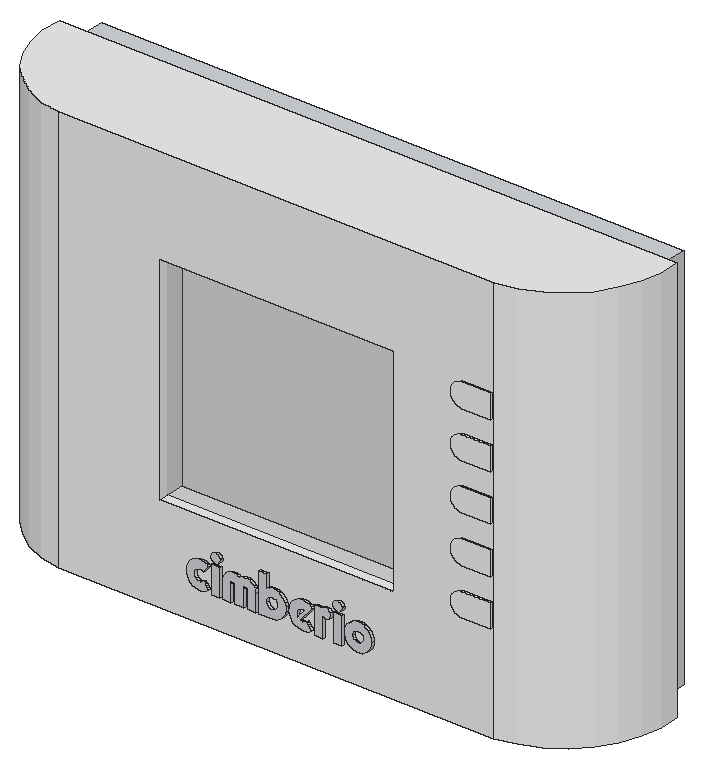
Revit family "AC00420000", category Apparecchi idraulici, Revit 2020
Family settings
  Quota connettore circolare = Usa diametro
  Tipo di parte = Normale
  Numero OmniClass = 23.45.00.00
  Titolo OmniClass = Sanitary, Laundry, and Cleaning Equipment
  Basato su piano di lavoro = No
  Sempre verticale = Sì
  Taglio con vuoti quando caricato = No
  Condiviso = No
  Punto di calcolo locali = No
Parameters
  URL = "https://web.cimberio.com/index.php/figura/1561?subcategoria_id="
  Temperatura di esercizio = ""
  Prospetto di default = 0 mm
  Produttore = "CIMBERIO SPA"
  Pressione nominale = ""
  Modello = "Cim TA/3P"
  Materiale = ""
  Descrizione = "Realizzato in ottemperanza ai requisiti gestionali della norma EN ISO 9001.\r\nUtilizzato per la regolazione della temperatura degli ambienti e comandare apparecchi degli impianti di riscaldamento e condizionamento."
  DN [instance] = 0 mm
  Type Comments = ""
Reference planes
  plane 1 "Centro (Fronte/Retro)": y = 0
  plane 2: z = 0
  plane 3 "Centro (Sinistra/Destra)": x = 0
  plane 4: y = -31
Forms (mm)
  Extrusion 1, solid
    sketch origin (0, 0, 0) x (1, 0, 0) y (0, 1, 0)
      loop
        line (-62, 0) -> (-62, -4) -> (62, -4) -> (62, 0) -> (-62, 0)
    from 2 to 85
  Extrusion 2, solid
    sketch origin (0, 0, 0) x (1, 0, 0) y (0, 1, 0)
      loop
        arc (-62, -4) -> (-63.414, -4.586) -> (-64, -6) r 2
        line (-64, -6) -> (-64, -7.019) -> (64, -7.019) -> (64, -6)
        arc (64, -6) -> (63.414, -4.586) -> (62, -4) r 2
        line (62, -4) -> (-62, -4)
    from 2 to 85
  Extrusion 3, solid, material "Cim_Plastica bianca"
    sketch origin (0, 0, 0) x (1, 0, 0) y (0, 1, 0)
      loop
        line (65.85, -6.5) -> (-65.85, -6.5)
        arc (-65.85, -6.5) -> (-61.255, -22.794) -> (-46.446, -31) r 22
        line (-46.446, -31) -> (46.446, -31)
        arc (46.446, -31) -> (61.255, -22.794) -> (65.85, -6.5) r 22
    from 0 to 87
  Extrusion 4, void
    sketch origin (0, 0, 0) x (1, 0, 0) y (0, 0, 1)
      loop
        line (-25, 66.5) -> (-25, 20.5) -> (25, 20.5) -> (25, 66.5) -> (-25, 66.5)
    from 24.948 to 38.229
  Extrusion 5, solid, material "Cim_Plastica bianca"
    sketch origin (0, 0, 0) x (1, 0, 0) y (0, 0, 1)
      loop
        arc (40, 66) -> (37.5, 63.5) -> (40, 61) r 2.5
        line (40, 61) -> (46, 61) -> (46, 66) -> (40, 66)
      loop
        arc (40, 56) -> (37.5, 53.5) -> (40, 51) r 2.5
        line (40, 51) -> (46, 51) -> (46, 56) -> (40, 56)
      loop
        arc (40, 46) -> (37.5, 43.5) -> (40, 41) r 2.5
        line (40, 41) -> (46, 41) -> (46, 46) -> (40, 46)
      loop
        arc (40, 36) -> (37.5, 33.5) -> (40, 31) r 2.5
        line (40, 31) -> (46, 31) -> (46, 36) -> (40, 36)
      loop
        arc (40, 26) -> (37.5, 23.5) -> (40, 21) r 2.5
        line (40, 21) -> (46, 21) -> (46, 26) -> (40, 26)
    from 10.121 to 31.5
  Extrusion 6, solid
    sketch origin (0, 0, 0) x (1, 0, 0) y (0, 0, 1)
      loop
        line (-15.15, 10.411) -> (-14.021, 11.758)
        arc (-14.021, 11.758) -> (-18.834, 9.513) -> (-14.021, 7.269) r 2.93
        line (-14.021, 7.269) -> (-15.15, 8.615)
        arc (-15.15, 8.615) -> (-17.076, 9.513) -> (-15.15, 10.411) r 1.172
      loop
        circle (-12.556, 13.908) r 0.996
      loop
        line (-11.677, 12.443) -> (-13.435, 12.443) -> (-13.435, 6.583) -> (-11.677, 6.583) -> (-11.677, 12.443)
      loop
        arc (-7.516, 11.989) -> (-9.853, 12.211) -> (-11.091, 10.216) r 2.227
        line (-11.091, 10.216) -> (-11.091, 6.583) -> (-9.333, 6.583) -> (-9.333, 10.216)
        arc (-9.333, 10.216) -> (-8.864, 10.685) -> (-8.395, 10.216) r 0.469
        line (-8.395, 10.216) -> (-8.395, 6.583) -> (-6.637, 6.583) -> (-6.637, 10.216)
        arc (-6.637, 10.216) -> (-6.168, 10.685) -> (-5.7, 10.216) r 0.469
        line (-5.7, 10.216) -> (-5.7, 6.583) -> (-3.942, 6.583) -> (-3.942, 10.216)
        arc (-3.942, 10.216) -> (-5.179, 12.211) -> (-7.516, 11.989) r 2.227
      loop
        line (-3.356, 14.787) -> (-3.356, 6.583) -> (-0.426, 6.583)
        arc (-0.426, 6.583) -> (2.442, 10.112) -> (-1.598, 12.198) r 2.93
        line (-1.598, 12.198) -> (-1.598, 14.787) -> (-3.356, 14.787)
      loop
        circle (-0.426, 9.513) r 1.172
      loop
        arc (6.469, 10.596) -> (5.122, 10.266) -> (5.032, 8.883) r 1.172
        line (5.032, 8.883) -> (6.469, 10.596)
      loop
        arc (8.159, 11.515) -> (3.095, 9.689) -> (7.903, 7.269) r 2.93
        line (7.903, 7.269) -> (6.773, 8.615)
        arc (6.773, 8.615) -> (6.198, 8.355) -> (5.57, 8.431) r 1.172
        line (5.57, 8.431) -> (8.159, 11.515)
      loop
        line (8.489, 12.443) -> (8.489, 6.583) -> (10.247, 6.583) -> (10.247, 10.836)
        arc (10.247, 10.836) -> (12.005, 11.652) -> (10.236, 12.443) r 1.065
        line (10.236, 12.443) -> (8.489, 12.443)
      loop
        line (12.591, 12.443) -> (12.591, 6.583) -> (14.349, 6.583) -> (14.349, 12.443) -> (12.591, 12.443)
      loop
        circle (13.47, 13.908) r 0.996
      loop
        circle (17.865, 9.513) r 2.93
      loop
        circle (17.865, 9.513) r 1.16
    from 20.548 to 31.5
  Extrusion 7, solid, material "Vetro"
    sketch origin (0, 0, 0) x (1, 0, 0) y (0, 1, 0)
      loop
        line (-25, -24.948) -> (-25, -29) -> (25, -29) -> (25, -24.948) -> (-25, -24.948)
    from 20.5 to 66.5
Cuts and joins
  Extrusion 4 cuts Extrusion 1
  Extrusion 4 cuts Extrusion 2
  Extrusion 4 cuts Extrusion 3
Dimensions and locks
  aligned and locked: level to plane 2
